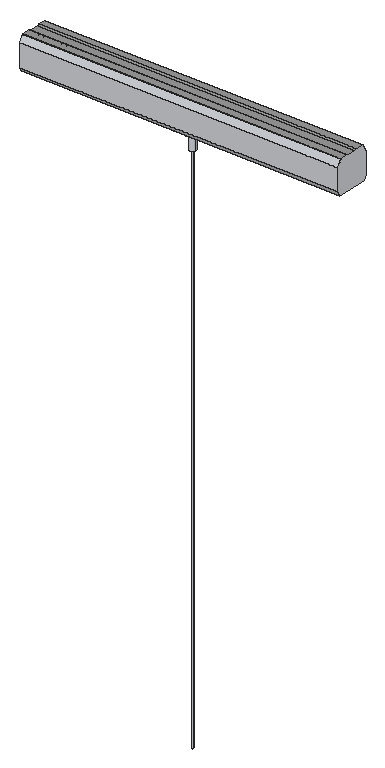
Revit family "0042548 Sylvania Lighting Fixture ISOLINE ACC CENTRE LIVE FEED 5_8C", category Lighting Fixtures, host Face, Revit 2018
Family settings
  Host = Face
  Round Connector Dimension = Use Diameter
  Part Type = Normal
  OmniClass Number = 23.80.70.00
  OmniClass Title = Lighting
  Cut with Voids When Loaded = No
  Light Source = No
  Shared = No
  Room Calculation Point = No
Parameters (values of type "0042548 ISOLINE ACC CENTRE LIVE FEED 5/8C")
  suspension height = 1000 mm
  spacer height = 5 mm
  spacer centres = 1000 mm
  height = 58.791 mm
  Width = 62 mm
  Weight = "n/a"
  Wattage Comments = ""
  WarrantyStartDate [instance] = "n/a"
  WarrantyGuarantorParts = "n/a"
  WarrantyDurationUnit = "n/a"
  WarrantyDurationParts = ""
  WarrantyDescription = "http://www.sylvania-lighting.com"
  Voltage = 0 V
  URL = "0"
  TypeName = "ISOLINE ACC CENTRE LIVE FEED 5/8C"
  Type Image = <None>
  Type Comments = "n/a"
  SerialNumber [instance] = "n/a"
  Material_3_FEILO = none
  PowerFactor = 0
  PowerConsumption = "Lighting"
  NominalLength = 0 mm
  NominalHeight = 0 mm
  NominalDepth = 0 mm
  Name = "ISOLINE ACC CENTRE LIVE FEED 5/8C"
  ModelReference = Name  # "ISOLINE ACC CENTRE LIVE FEED 5/8C"
  ModelNumber = "0042548"
  Model = Name  # "ISOLINE ACC CENTRE LIVE FEED 5/8C"
  Material = "Feilo Sylvania"
  ManufacturerName = "n/a"
  Manufacturer = ""
  LuminousEfficacy = ""
  LuminaireType = "0"
  LightOutputRatio = "LED"
  Length = 570 mm
  LampsType = Lamp  # "n/a"
  LampNominalLuminous = "n/a"
  LampMacAdamStep = "n/a"
  LampColourTemperature = "LED"
  LampColourRenderingIndex = "16500"
  Lamp = "n/a"
  Keynote = "n/a"
  InstallationDate [instance] = "n/a"
  InputVoltage = "0"
  InputNominalFrequency = ""
  IngressProtection = "IfcLightFixtureType"
  ImpactProtectionIndex = "IfcLightFixtureType"
  IfcExportType = "IfcLightFixtureType"
  IfcExportAs = "n/a"
  Height = 1000 mm
  ExpectedLife = 50000
  ElectricShockClassification = ""
  DurationUnit = "hours"
  DocumentationLiterature = "http://www.sylvania-lighting.com/product/en-int/products/0042548"
  DimmingControlOptions = "n/a"
  Material_2_FEILO = none
  Description = "A Live Feed accepting incoming rails from each end to increase number of connections in a line."
  Default Elevation = 1219.2 mm
  CreatedOn = "08/03/2021"
  CreatedBy = "@sylvania-lighting.com"
  Cost = 0
  built-in parameter 1114216 [instance] = (empty or 0)
  ClassificationValue = "EF_70_80"
  ClassificationName = "Uniclass2015"
  Material_1_FEILO = none
  BarCode [instance] = "n/a"
  AssetType = "Fixed"
  AssetIdentifier [instance] = "n/a"
  Assembly Code = "D5020200"
  Apparent Load = 0 VA
  Material_4_FEILO = none
Reference planes
  plane 1 "Center (Front/Back)": y = 0
  plane 2: z = 0
  plane 3 "Center (Left/Right)": x = 0
  plane 4: z = 0
  plane 5: z = 1000
  plane 6: y = 31
  plane 7: y = -31
  plane 8: x = -285
  plane 9: x = 285
  plane 10: x = -37.307
  plane 11: x = 55
  plane 12: z = 1058.791
  plane 13: z = 51
  plane 14: y = -27
  plane 15: y = 27
  plane 16: z = 12
  plane 17: y = -24.969
  plane 18: y = 25
  plane 19: y = 12
  plane 20: y = -12
  plane 21: z = 1.634
  plane 22: y = -8
  plane 23: y = 8
  plane 24: z = 995
  plane 25: y = 26.98
  plane 26: y = 16.98
  plane 27: y = -27.027
  plane 28: y = -17.004
  plane 29: z = 996.5
  plane 30: y = 26.002
  plane 31: y = -26.027
  plane 32: through (-1580, 7.965, 1219.2) normal (0.5391, 0.8423, 0)
  plane 33: through (-1555, 7.965, 1219.2) normal (0.5391, -0.8423, 0)
  plane 34: through (1555, 7.965, 1219.2) normal (0.5391, 0.8423, 0)
  plane 35: through (1580, 8, 1219.2) normal (0.5399, -0.8417, 0)
  plane 36: z = 1058.003
  plane 37: z = 1056.819
  plane 38: x = -735
  plane 39: x = 735
Forms (mm)
  Extrusion 1, solid, detail levels medium+fine
    sketch origin (-1690, -1523.717, -160.594) x (0, -1, -0.000261) y (0, 0.000261, -1)
      loop
        line (-1493, -1168.2) -> (-1497, -1160.2) -> (-1551, -1160.2) -> (-1555, -1168.2) -> (-1555, -1207.2) -> (-1549.109, -1218.982) -> (-1535.466, -1218.982) -> (-1532, -1217.566) -> (-1516, -1217.566) -> (-1512.511, -1218.991) -> (-1498.896, -1218.991) -> (-1493, -1207.2) -> (-1493, -1168.2)
    from 1405 to 1975
  Extrusion 2, solid
    sketch origin (-12.474, 1524, 1219.247) x (0, 1, 0) y (0, 0, 1)
      loop
        line (-1497.021, -219.189) -> (-1498.02, -219.189) -> (-1507.02, -223.699) -> (-1541.004, -223.699) -> (-1550.017, -219.203) -> (-1551.02, -219.203) -> (-1541.004, -224.2) -> (-1507.02, -224.2) -> (-1497.021, -219.189)
    from 0 to 25
  Extrusion 3, solid
    sketch origin (1571.695, 0.056, 0) x (1, 0, 0) y (0, 1, 0)
      loop
        circle (-1571.7, -0.035) r 5
    from 962.277 to 995
  Extrusion 4, solid
    sketch origin (1571.704, 0.045, 0) x (1, 0, 0) y (0, 1, 0)
      loop
        circle (-1571.7, -0.035) r 1.5
    from 0 to 962.277
  Extrusion 5, solid, material "Glass, White, High Luminance", detail levels fine
    sketch origin (319, 1524, 1219.2) x (0, 1, 0) y (0, 0, 1)
      loop
        line (-1498.926, -160.099) -> (-1512.703, -160.099) -> (-1516.213, -161.534) -> (-1531.9, -161.534) -> (-1535.47, -160.114) -> (-1549.12, -160.114) -> (-1549.12, -161.197) -> (-1535.782, -161.197) -> (-1532.805, -162.381) -> (-1515.468, -162.381) -> (-1512.929, -161.197) -> (-1498.926, -161.197) -> (-1498.926, -160.099)
    from -604 to -34
  Extrusion 6, solid, detail levels coarse
    sketch origin (319, 1524, 1219.2) x (0, 1, 0) y (0, 0, 1)
      loop
        line (-1493, -160.052) -> (-1555, -160.052) -> (-1555, -1219.2) -> (-1493, -1219.2) -> (-1493, -160.052)
    from -604 to -34
Dimensions and locks
  "Width": plane 6 to plane 7
  equal spacing: plane 6, plane 1 "Center (Front/Back)", plane 7
  "Length": plane 8 to plane 9
  equal spacing: plane 8, plane 3 "Center (Left/Right)", plane 9
  "height": plane 12 to plane 5
  "suspension height": plane 5 to level
  aligned and locked: host face to plane 2
  aligned and locked: host face to level
  aligned and locked: plane 9 to Extrusion 5
  aligned and locked: plane 9 to Extrusion 1
  aligned and locked: Extrusion 6 to plane 8
  aligned and locked: Extrusion 6 to Extrusion 1
  aligned and locked: Extrusion 1 to Extrusion 5
  aligned and locked: Extrusion 6 to Extrusion 5
  aligned and locked: plane 9 to Extrusion 6
Automatic sketch dimensions
  host sketch curve to host sketch curve = 3582.803 mm
  host sketch curve to host sketch curve = 2438.4 mm
  Extrusion 1 sketch curve to plane 25 = 0 mm
  Extrusion 1 sketch curve to plane 6 = 0.033 mm
  Extrusion 1 sketch curve to plane 12 = 11.778 mm
  Extrusion 1 sketch curve to Extrusion 1 sketch curve = 4 mm  (x2)
  Extrusion 1 sketch curve to Extrusion 1 sketch curve = 5.891 mm
  Extrusion 1 sketch curve to Extrusion 1 sketch curve = 13.643 mm
  Extrusion 1 sketch curve to Extrusion 1 sketch curve = 3.466 mm
  Extrusion 1 sketch curve to Extrusion 1 sketch curve = 16 mm
  Extrusion 1 sketch curve to Extrusion 1 sketch curve = 3.489 mm
  Extrusion 1 sketch curve to Extrusion 1 sketch curve = 13.615 mm
  Extrusion 1 sketch curve to Extrusion 1 sketch curve = 54 mm
  Extrusion 1 sketch curve to Extrusion 1 sketch curve = 47 mm
  Extrusion 1 sketch curve to Extrusion 1 sketch curve = 10.366 mm
  Extrusion 1 sketch curve to Extrusion 1 sketch curve = 1.425 mm
  Extrusion 1 sketch curve to Extrusion 1 sketch curve = 11.782 mm
  Extrusion 1 sketch curve to Extrusion 1 sketch curve = 8 mm  (x2)
  Extrusion 2 sketch curve to plane 28 = 0 mm  (x2)
  Extrusion 2 sketch curve to plane 26 = 0 mm  (x2)
  plane 5 to Extrusion 2 sketch curve = 0.058 mm
  Extrusion 2 sketch curve to plane 31 = 0.01 mm
  Extrusion 2 sketch curve to plane 27 = 0.007 mm
  plane 30 to Extrusion 2 sketch curve = 0.022 mm
  plane 25 to Extrusion 2 sketch curve = 0.001 mm
  plane 5 to Extrusion 2 sketch curve = 0.044 mm
  plane 24 to Extrusion 2 sketch curve = 0.547 mm
  plane 24 to Extrusion 2 sketch curve = 0.047 mm
  Extrusion 3 sketch curve to plane 1 "Center (Front/Back)" = 0.02 mm
  Extrusion 4 sketch curve to plane 1 "Center (Front/Back)" = 0.01 mm
  Extrusion 5 sketch curve to plane 36 = 0 mm  (x2)
  Extrusion 5 sketch curve to plane 37 = 0 mm
  plane 17 to Extrusion 5 sketch curve = 0.151 mm
  Extrusion 5 sketch curve to plane 20 = 0.218 mm
  plane 12 to Extrusion 5 sketch curve = 0.295 mm
  Extrusion 5 sketch curve to plane 20 = 0.53 mm
  plane 22 to Extrusion 5 sketch curve = 0.805 mm
  Extrusion 5 sketch curve to plane 22 = 0.1 mm
  plane 23 to Extrusion 5 sketch curve = 0.213 mm
  Extrusion 5 sketch curve to plane 23 = 0.532 mm
  plane 19 to Extrusion 5 sketch curve = 0.929 mm
  Extrusion 5 sketch curve to plane 18 = 0.074 mm
  plane 37 to Extrusion 5 sketch curve = 0.848 mm
  plane 19 to Extrusion 5 sketch curve = 0.703 mm
  plane 12 to Extrusion 5 sketch curve = 0.31 mm
  Extrusion 6 sketch curve to plane 7 = 0 mm
  Extrusion 6 sketch curve to plane 6 = 0 mm
  Extrusion 6 sketch curve to plane 29 = 996.5 mm
  plane 12 to Extrusion 6 sketch curve = 0.357 mm
  Extrusion 3 sketch curve to plane 39 = 735.005 mm
  Extrusion 4 sketch curve to plane 39 = 734.996 mm
  radius of Extrusion 3 sketch curve = 5 mm
  radius of Extrusion 4 sketch curve = 1.5 mm
Connectors
  electrical at (0, -0.02, 1000.004)
    settings: on Extrusion 1, index 1, voltage 0 V, apparent load 0 VA, apparent load phase1 0 VA, apparent load phase2 0 VA, apparent load phase3 0 VA, power factor 1, load classification "Other", number of poles 1, system type 31, power factor state 1, is connector primary yes, connector utility no, sub classification motor no, connector description ""
